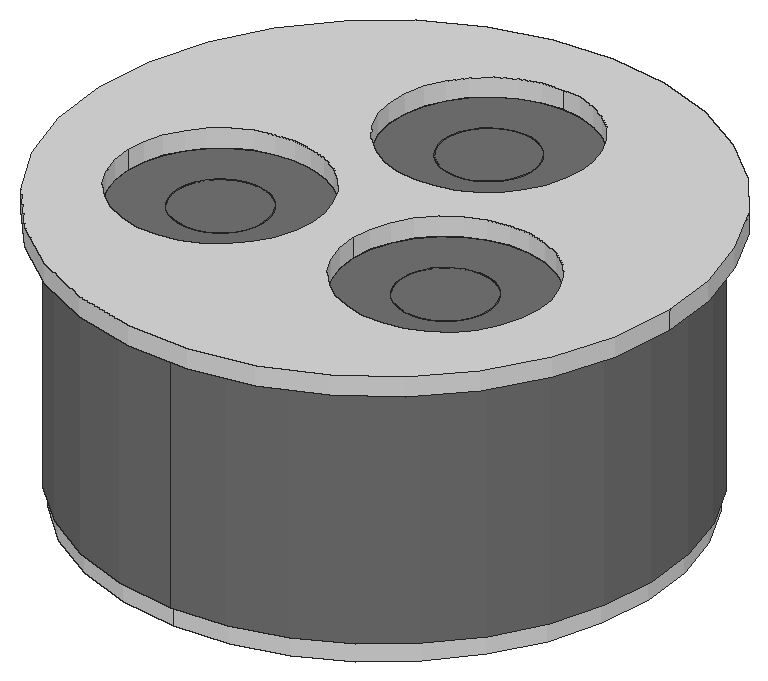
Revit family "Roxtec H3 UG seals", category Duct Accessories, host Face, Revit 2017
Family settings
  Host = Face
  Round Connector Dimension = Use Diameter
  Part Type = Attaches To
  Cut with Voids When Loaded = No
  Shared = No
Parameters (values of type "H3-150 UG")
  Max cable Ø = 52 mm
  phase left right height = 56.8 mm
  phase left right distance = 31.6 mm
  Min cable Ø = 24 mm
  phase down distance = 111.5 mm
  Weight (kg) = 2.5
  WarrantyGuarantorParts = ""
  WarrantyGuarantorLabor = ""
  WarrantyDurationUnit = ""
  WarrantyDurationParts = ""
  WarrantyDurationLabor = ""
  WarrantyDescription = ""
  Version = "2.0"  # constant formula
  Uniclass2015Version = ""
  Uniclass2015Title = ""
  Uniclass2015Code = ""
  URL = "https://www.roxtec.com/en/products/solutions/roxtec-h3-ug-seal/"
  UNSPSC Code = ""
  SustainabilityPerformance = ""
  Size = ""
  Shape = ""
  Sealing material = Roxylon black
  Roxtec RTD [instance] = ""
  Roxtec Product Title [instance] = if(and(Wall opening diameter = 150 mm), "H3-150 UG", "H3-200 UG")  # "H3-150 UG"
  Roxtec Product ID [instance] = if(and(Wall opening diameter = 150 mm), "151561", "117842")  # "151561"
  Revision = ""
  ReplacementCost = ""
  ProductInformation = ""
  ProdLib_ID = ""
  NominalLength [instance] = 0 mm
  NominalHeight = 0 mm
  NominalDepth = 0 mm
  Name = ""
  NBSReference = ""
  NBSDescription = ""
  ModelReference = ""
  ModelNumber = ""
  ManufacturerURL = ""
  Manufacturer = "Roxtec"  # constant formula
  IfcExportType = ""
  IfcExportAs = ""
  IfcClassification = ""
  IFC Classification = ""
  Grade = ""
  Frame material = Roxylon black
  Fitting material = Steel
  Finish = ""
  Features = ""
  ExpectedLife = ""
  ETIM Classification = "EC000220"  # constant formula
  DurationUnit = ""
  Description = "Sealing solutions for cables and pipes"
  Default Elevation = 0 mm
  Core material = Roxylon black
  Constituents = ""
  Color = ""
  Wall opening diameter = 150 mm
  Fitting height = 65 mm  # constant formula
  Fitting thickness = 5 mm  # constant formula
  Front fitting diameter = Wall opening diameter + 10 mm  # 160 mm
  CodePerformance = ""
  Category = ""
  COBie Type Category = ""
  BIMObjectName = ""
  Author = "ProdLib Oy"  # constant formula
  AssetType = ""
  AccessibilityPerformance = ""
Types (3, lengths in mm): name | Max cable Ø | phase left right height | phase left right distance | Min cable Ø | phase down distance | Weight (kg) | Roxtec Product Title | Roxtec Product ID | Wall opening diameter | Front fitting diameter
  (no name) | 52 | 56.8 | 31.6 | 24 | 111.5 | 2.5 | "H3-150 UG" | "151561" | 150 | 160
  H3-150 UG | 52 | 56.8 | 31.6 | 24 | 111.5 | 2.5 | "H3-150 UG" | "151561" | 150 | 160
  H3-200 UG | 68 | 74.8 | 43.7 | 48 | 150.5 | 4.3 | "H3-200 UG" | "117842" | 200 | 210
Reference planes
  plane 1 "Center (Front/Back)": y = 0
  plane 2: z = 0
  plane 3 "Center (Left/Right)": x = 0
  plane 4: y = 75
  plane 5: y = -75
  plane 6: z = -500
  plane 7: z = 5
  plane 8: z = -65
  plane 9: z = -70
  plane 10: x = -80
  plane 11: x = 80
  plane 12: y = 40
  plane 13: y = 54
  plane 14: y = 26
  plane 15: y = 47.5
  plane 16: y = 32.5
  plane 17: y = 36.5
  plane 18: y = 62.5
  plane 19: y = 10.5
  plane 20: y = 48.5
  plane 21: y = 24.5
  plane 22: x = -31.6
  plane 23: x = 31.6
  plane 24: y = -18.2
  plane 25: x = -57.6
  plane 26: x = -5.6
  plane 27: x = -43.6
  plane 28: x = -19.6
  plane 29: x = 5.6
  plane 30: x = 57.6
  plane 31: x = 19.6
  plane 32: x = 43.6
Forms (mm)
  Extrusion 1, void
    sketch origin (0, 0, 0) x (1, 0, 0) y (0, 1, 0)
      loop
        circle (0, 0) r 75
    from -500 to 0
  Extrusion 2, solid, material "Roxylon black" <- "Frame material"
    sketch origin (0, 0, 0) x (1, 0, 0) y (0, 1, 0)
      loop
        circle (0, 0) r 75
    from -65 to 0
  Extrusion 3, solid, material "Steel" <- "Fitting material"
    sketch origin (0, 0, 0) x (1, 0, 0) y (0, 1, 0)
      loop
        circle (0, 0) r 80
    from 0 to 5
  Extrusion 4, void
    sketch origin (0, 0, 0) x (1, 0, 0) y (0, 1, 0)
      loop
        circle (0, 36.5) r 26
    from -500 to 5
  Extrusion 5, solid, material "Roxylon black" <- "Sealing material"
    sketch origin (0, 0, 0) x (1, 0, 0) y (0, 1, 0)
      loop
        circle (0, 36.5) r 26
      loop
        circle (0, 36.5) r 12
    from -65 to 0
  Extrusion 6, void
    sketch origin (0, 0, 0) x (1, 0, 0) y (0, 1, 0)
      loop
        circle (-31.6, -18.2) r 26
    from -500 to 5
  Extrusion 7, solid, material "Roxylon black" <- "Sealing material"
    sketch origin (0, 0, 0) x (1, 0, 0) y (0, 1, 0)
      loop
        circle (-31.6, -18.2) r 12
      loop
        circle (-31.6, -18.2) r 26
    from -65 to 0
  Extrusion 8, void
    sketch origin (0, 0, 0) x (1, 0, 0) y (0, 1, 0)
      loop
        circle (31.6, -18.2) r 26
    from -500 to 5
  Extrusion 9, solid, material "Roxylon black" <- "Sealing material"
    sketch origin (0, 0, 0) x (1, 0, 0) y (0, 1, 0)
      loop
        circle (31.6, -18.2) r 26
      loop
        circle (31.6, -18.2) r 12
    from -65 to 0
  Extrusion 10, solid, material "Steel" <- "Fitting material"
    sketch origin (0, 0, 0) x (1, 0, 0) y (0, 1, 0)
      loop
        circle (0, 0) r 74
    from -70 to -65
  Extrusion 11, solid, material "Roxylon black" <- "Core material"
    sketch origin (0, 0, 0) x (1, 0, 0) y (0, 1, 0)
      loop
        circle (0, 36.5) r 12
    from -65 to 0
  Extrusion 12, solid, material "Roxylon black" <- "Core material"
    sketch origin (0, 0, 0) x (1, 0, 0) y (0, 1, 0)
      loop
        circle (-31.6, -18.2) r 12
    from -65 to 0
  Extrusion 13, solid, material "Roxylon black" <- "Core material"
    sketch origin (0, 0, 0) x (1, 0, 0) y (0, 1, 0)
      loop
        circle (31.6, -18.2) r 12
    from -65 to 0
Cuts and joins
  Extrusion 4, Extrusion 6, Extrusion 8 cuts Extrusion 2
  Extrusion 4, Extrusion 6, Extrusion 8 cuts Extrusion 3
  Extrusion 4, Extrusion 6, Extrusion 8 cuts Extrusion 10
Dimensions and locks
  locked: plane 2 to plane 6 at 500
  equal spacing: plane 4, plane 1 "Center (Front/Back)", plane 5
  "Wall opening diameter": plane 4 to plane 5
  "Fitting thickness": plane 7 to plane 2
  "Fitting height": plane 2 to plane 8
  "Fitting thickness": plane 8 to plane 9
  equal spacing: plane 10, plane 3 "Center (Left/Right)", plane 11
  "Front fitting diameter": plane 10 to plane 11
  locked: plane 4 to plane 12 at 35
  equal spacing: plane 13, plane 12, plane 14
  locked: plane 13 to plane 14 at 28
  equal spacing: plane 15, plane 12, plane 16
  locked: plane 15 to plane 16 at 15
  "phase down distance": plane 17 to plane 5
  equal spacing: plane 18, plane 17, plane 19
  "Max cable Ø": plane 18 to plane 19
  equal spacing: plane 20, plane 17, plane 21
  "Min cable Ø": plane 20 to plane 21
  "phase left right distance": plane 22 to plane 3 "Center (Left/Right)"
  "phase left right distance": plane 3 "Center (Left/Right)" to plane 23
  equal spacing: plane 25, plane 22, plane 26
  "Max cable Ø": plane 25 to plane 26
  equal spacing: plane 27, plane 22, plane 28
  "Min cable Ø": plane 27 to plane 28
  equal spacing: plane 29, plane 23, plane 30
  "Max cable Ø": plane 29 to plane 30
  equal spacing: plane 31, plane 23, plane 32
  "Min cable Ø": plane 31 to plane 32
  "phase left right height": plane 24 to plane 5
  plane 17 to plane 5 = 111.5 mm
  aligned and locked: plane 2 to host face
  aligned and locked: level to host face
  aligned and locked: plane 4 to Extrusion 1 sketch curve
  aligned and locked: plane 3 "Center (Left/Right)" to Extrusion 1 sketch curve  (x2)
  aligned and locked: plane 5 to Extrusion 1 sketch curve
  aligned and locked: Extrusion 1 to plane 6
  aligned and locked: level to Extrusion 1
  aligned and locked: plane 4 to Extrusion 2 sketch curve
  aligned and locked: plane 3 "Center (Left/Right)" to Extrusion 2 sketch curve  (x2)
  aligned and locked: plane 5 to Extrusion 2 sketch curve
  aligned and locked: Extrusion 2 to plane 8
  aligned and locked: level to Extrusion 2
  aligned and locked: plane 1 "Center (Front/Back)" to Extrusion 3  (x3)
  aligned and locked: plane 10 to Extrusion 3  (x2)
  aligned and locked: plane 11 to Extrusion 3  (x2)
  aligned and locked: plane 7 to Extrusion 3
  aligned and locked: Extrusion 3 to level
  aligned and locked: plane 18 to Extrusion 4 sketch curve
  aligned and locked: plane 3 "Center (Left/Right)" to Extrusion 4 sketch curve  (x2)
  aligned and locked: plane 19 to Extrusion 4 sketch curve
  aligned and locked: Extrusion 4 to plane 6
  aligned and locked: plane 7 to Extrusion 4
  aligned and locked: plane 18 to Extrusion 5 sketch curve
  aligned and locked: plane 3 "Center (Left/Right)" to Extrusion 5 sketch curve  (x4)
  aligned and locked: plane 20 to Extrusion 5 sketch curve
  aligned and locked: plane 21 to Extrusion 5 sketch curve
  aligned and locked: plane 19 to Extrusion 5 sketch curve
  aligned and locked: Extrusion 6 to plane 6
  aligned and locked: plane 7 to Extrusion 6
  aligned and locked: plane 27 to Extrusion 7 sketch curve
  aligned and locked: plane 24 to Extrusion 7 sketch curve  (x4)
  aligned and locked: plane 28 to Extrusion 7 sketch curve
  aligned and locked: plane 26 to Extrusion 7 sketch curve
  aligned and locked: plane 25 to Extrusion 7 sketch curve
  aligned and locked: plane 24 to Extrusion 8 sketch curve
  aligned and locked: Extrusion 8 sketch curve to plane 24
  aligned and locked: plane 29 to Extrusion 8 sketch curve
  aligned and locked: plane 30 to Extrusion 8 sketch curve
  aligned and locked: Extrusion 8 to plane 6
  aligned and locked: plane 7 to Extrusion 8
  aligned and locked: plane 24 to Extrusion 9 sketch curve  (x2)
  aligned and locked: plane 31 to Extrusion 9 sketch curve
  aligned and locked: plane 32 to Extrusion 9 sketch curve
  aligned and locked: plane 30 to Extrusion 9 sketch curve
  aligned and locked: plane 29 to Extrusion 9 sketch curve
  aligned and locked: Extrusion 11 sketch curve to Extrusion 5
  aligned and locked: Extrusion 12 sketch curve to Extrusion 7
  aligned and locked: Extrusion 13 sketch curve to Extrusion 9
  aligned and locked: plane 2 to Extrusion 7
  aligned and locked: plane 2 to Extrusion 5
  aligned and locked: plane 2 to Extrusion 9
  aligned and locked: Extrusion 7 to plane 8
  aligned and locked: Extrusion 9 to plane 8
  aligned and locked: Extrusion 5 to plane 8
  aligned and locked: Extrusion 11 to plane 8
  aligned and locked: Extrusion 12 to plane 8
  aligned and locked: Extrusion 13 to plane 8
  aligned and locked: plane 2 to Extrusion 11
  aligned and locked: plane 2 to Extrusion 12
  aligned and locked: plane 2 to Extrusion 13
  aligned and locked: Extrusion 10 to plane 8
  aligned and locked: Extrusion 10 to plane 9
Automatic sketch dimensions
  host sketch curve to host sketch curve = 2438.4 mm  (x2)
  plane 1 "Center (Front/Back)" to Extrusion 3 sketch curve = 0 mm
  Extrusion 3 sketch curve to plane 10 = 0 mm
  Extrusion 3 sketch curve to plane 3 "Center (Left/Right)" = 0 mm
  Extrusion 6 sketch curve to plane 24 = 0 mm
  Extrusion 6 sketch curve to plane 25 = 0 mm
  Extrusion 6 sketch curve to plane 22 = 0 mm
  Extrusion 9 sketch curve to plane 24 = 0 mm
  Extrusion 10 sketch curve to Extrusion 10 sketch curve = 0 mm  (x2)
  Extrusion 10 sketch curve to plane 3 "Center (Left/Right)" = 0 mm
  plane 1 "Center (Front/Back)" to Extrusion 10 sketch curve = 0 mm
  plane 5 to Extrusion 10 sketch curve = 1 mm
